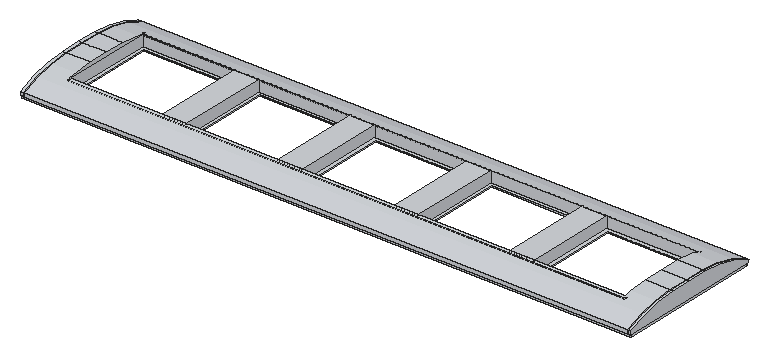
Revit family "Gira_0215327", category Electrical Fixtures, host Face, Revit 2017
Family settings
  Host = Face
  Maintain Annotation Orientation = No
  Round Connector Dimension = Use Diameter
  Part Type = Normal
  Cut with Voids When Loaded = No
  Shared = No
  Room Calculation Point = No
Parameters (values of type "Cov.fr. 5-g interm.fr. PW Gira Event p.white m")
  With mounting grid = "No"
  With hinged lid = "No"
  URL = "http://katalog.gira.de/en/datenblatt.html?artikelnr=0215327"
  Type of fastening = "Clamp mounting"
  Transparent = "No"
  Surface protection = "Other"
  Surface finishing = "Matt"
  Suitable for wall duct = "No"
  Suitable for flush-mounted installation = "Yes"
  Suitable for floor box = "No"
  Suitable for built-in installation = "No"
  Number of units vertical = "5"
  Number of units horizontal = "5"
  Number of units = "5"
  Name = "Cov.fr. 5-g interm.fr. PW Gira Event p.white m"
  Mounting direction = "Horizontal and vertical"
  Material quality = "Thermoplastic"
  Material = "Plastic"
  Manufacturer URL = "https://www.gira.de/"
  Manufacturer = "Gira"
  Label space/information surface = "No"
  Keynote = ""
  HeinzeBIM = "https://bimportal.heinze.de/bim/cov-fr-5-g-interm-fr-pw-gira-event-p-white-m/41451455f394076b76ad6cd37938c35fa1f429b0"
  Halogen free = "Yes"
  HAN = "0215327"
  GTIN = "4010337074205"
  Description = "Cov.fr.5g i.fr.PW Event PWm,Gira Event frames,pure white matt with pure white glossy intermediate frame,5-gang,Features:,- Shatter-proof."
  Degree of protection (IP) = "IP20"
  Default Elevation = 1219.2 mm
  Data sheet (1) = "https://katalog.gira.de/en/download.html?artikelnr=0215327"
  Colour = "White"
  Category = "Cover frame for domestic switching devices"
  BIM (1) = "https://media.stage.bim.site/public/gira/36a6b08/Event_Rahmen_5fach.rfa"
  Available = "No"
Reference planes
  plane 1 "Center (Front/Back)": y = 0
  plane 2: z = 0
  plane 3 "Center (Left/Right)": x = 0
Forms (mm)
  Extrusion 1, solid, detail levels fine
    sketch origin (0, 0, 0.05) x (0, 1, 0) y (0, 0, 1)
      loop
        arc (12.445, 9.683) -> (6.223, 9.833) -> (0, 9.85) r 291.636
        arc (0, 9.85) -> (-6.223, 9.833) -> (-12.445, 9.683) r 291.636
        arc (-12.445, 9.683) -> (-29.14, 7.482) -> (-45, 1.823) r 79.728
        line (-45, 1.823) -> (-45, -0.05) -> (-42.086, -0.05)
        arc (-42.086, -0.05) -> (-21.385, 5.559) -> (0, 7.206) r 114.424
        arc (0, 7.206) -> (21.385, 5.559) -> (42.086, -0.05) r 114.424
        line (42.086, -0.05) -> (45, -0.05) -> (45, 1.823)
        arc (45, 1.823) -> (29.14, 7.482) -> (12.445, 9.683) r 79.728
    from -185.578 to 185.593
  Extrusion 2, void, detail levels fine
    sketch origin (0, 0, 0) x (1, 0, 0) y (0, 1, 0)
      loop
        line (170.607, 28) -> (-170.593, 28) -> (-170.593, -28) -> (170.607, -28) -> (170.607, 28)
    from 0.724 to 11
  Extrusion 3, solid, detail levels coarse
    sketch origin (0, 0, 0) x (1, 0, 0) y (0, 1, 0)
      loop
        line (-187.578, 45) -> (-187.578, -45) -> (187.593, -45) -> (187.593, 45) -> (-187.578, 45)
    from -1.5 to 9.9
  Extrusion 4, solid, detail levels medium
    sketch origin (0, 0, 0.05) x (0, 1, 0) y (0, 0, 1)
      loop
        arc (12.445, 9.683) -> (6.223, 9.833) -> (0, 9.85) r 291.636
        arc (0, 9.85) -> (-6.223, 9.833) -> (-12.445, 9.683) r 291.636
        arc (-12.445, 9.683) -> (-29.14, 7.482) -> (-45, 1.823) r 79.728
        line (-45, 1.823) -> (-45, -0.05) -> (45, -0.05) -> (45, 1.823)
        arc (45, 1.823) -> (29.14, 7.482) -> (12.445, 9.683) r 79.728
    from -187.578 to 187.593
  Extrusion 5, solid, detail levels fine
    sketch origin (-142.578, 0, -1.5) x (0, 1, 0) y (0, 0, -1)
      loop
        line (45, -3.373) -> (45, -1.5) -> (-45, -1.5) -> (-45, -3.373)
        arc (-45, -3.373) -> (-29.14, -9.032) -> (-12.445, -11.233) r 79.728
        arc (-12.445, -11.233) -> (-6.223, -11.383) -> (0, -11.4) r 291.636
        arc (0, -11.4) -> (6.223, -11.383) -> (12.445, -11.233) r 291.636
        arc (12.445, -11.233) -> (29.14, -9.032) -> (45, -3.373) r 79.728
    from 43 to 45
  Extrusion 6, solid, detail levels fine
    sketch origin (0, 0, 0) x (1, 0, 0) y (0, 1, 0)
      loop
        line (-168.493, 25.7) -> (-168.493, -25.7) -> (-116.693, -25.7) -> (-116.693, 25.7) -> (-168.493, 25.7)
      loop
        line (-45.398, -25.7) -> (-45.398, 25.7) -> (-97.198, 25.7) -> (-97.198, -25.7) -> (-45.398, -25.7)
      loop
        line (-171.487, 28.49) -> (-171.487, -28.495)
        spline (-171.487, -28.495) -> (-171.479, -28.625) -> (-171.453, -28.754) -> (-171.411, -28.878) -> (-171.353, -28.995) -> (-171.281, -29.104) -> (-171.194, -29.202) -> (-171.096, -29.288) -> (-170.987, -29.361) -> (-170.87, -29.419) -> (-170.746, -29.461) -> (-170.618, -29.486) -> (-170.487, -29.495)
        line (-170.487, -29.495) -> (170.502, -29.495)
        spline (170.502, -29.495) -> (170.633, -29.486) -> (170.761, -29.461) -> (170.885, -29.419) -> (171.002, -29.361) -> (171.111, -29.288) -> (171.209, -29.202) -> (171.296, -29.104) -> (171.368, -28.995) -> (171.426, -28.878) -> (171.468, -28.754) -> (171.494, -28.625) -> (171.502, -28.495)
        line (171.502, -28.495) -> (171.502, 28.49)
        spline (171.502, 28.49) -> (171.494, 28.62) -> (171.468, 28.748) -> (171.426, 28.872) -> (171.368, 28.99) -> (171.296, 29.098) -> (171.209, 29.197) -> (171.111, 29.283) -> (171.002, 29.356) -> (170.885, 29.413) -> (170.761, 29.456) -> (170.633, 29.481) -> (170.502, 29.49)
        line (170.502, 29.49) -> (-170.487, 29.49)
        spline (-170.487, 29.49) -> (-170.618, 29.481) -> (-170.746, 29.456) -> (-170.87, 29.413) -> (-170.987, 29.356) -> (-171.096, 29.283) -> (-171.194, 29.197) -> (-171.281, 29.098) -> (-171.353, 28.99) -> (-171.411, 28.872) -> (-171.453, 28.748) -> (-171.479, 28.62) -> (-171.487, 28.49)
      loop
        line (25.902, -25.7) -> (25.902, 25.7) -> (-25.898, 25.7) -> (-25.898, -25.7) -> (25.902, -25.7)
      loop
        line (97.207, -25.7) -> (97.207, 25.7) -> (45.407, 25.7) -> (45.407, -25.7) -> (97.207, -25.7)
      loop
        line (168.507, -25.7) -> (168.507, 25.7) -> (116.707, 25.7) -> (116.707, -25.7) -> (168.507, -25.7)
    from 0.1 to 7.3
  Extrusion 7, solid
    sketch origin (0, 0, 0) x (1, 0, 0) y (0, 1, 0)
      loop
        arc (-187.293, -44.218) -> (-187.146, -44.572) -> (-186.793, -44.718) r 0.5
        line (-186.793, -44.718) -> (186.807, -44.718)
        arc (186.807, -44.718) -> (187.161, -44.572) -> (187.307, -44.218) r 0.5
        line (187.307, -44.218) -> (187.307, 44.182)
        arc (187.307, 44.182) -> (187.161, 44.535) -> (186.807, 44.682) r 0.5
        line (186.807, 44.682) -> (-186.793, 44.682)
        arc (-186.793, 44.682) -> (-187.146, 44.535) -> (-187.293, 44.182) r 0.5
        line (-187.293, 44.182) -> (-187.293, -44.218)
      loop
        line (-185.593, 42.982) -> (-185.593, -43.018) -> (185.607, -43.018) -> (185.607, 42.982) -> (-185.593, 42.982)
    from -1.5 to 0.5
  Extrusion 8, solid, detail levels fine
    sketch origin (142.593, 0, -1.5) x (0, 1, 0) y (0, 0, 1)
      loop
        arc (45, 3.373) -> (29.14, 9.032) -> (12.445, 11.233) r 79.728
        arc (12.445, 11.233) -> (6.223, 11.383) -> (0, 11.4) r 291.636
        arc (0, 11.4) -> (-6.223, 11.383) -> (-12.445, 11.233) r 291.636
        arc (-12.445, 11.233) -> (-29.14, 9.032) -> (-45, 3.373) r 79.728
        line (-45, 3.373) -> (-45, 1.5) -> (45, 1.5) -> (45, 3.373)
    from 43 to 45
  Extrusion 9, solid, detail levels medium
    sketch origin (0, 0, 0) x (1, 0, 0) y (0, 1, 0)
      loop
        line (-187.293, -44.718) -> (187.307, -44.718) -> (187.307, 44.682) -> (-187.293, 44.682) -> (-187.293, -44.718)
    from -1.5 to 0.5
  Extrusion 10, solid, detail levels fine
    sketch origin (-105.5, 0, 0) x (1, 0, 0) y (0, 1, 0)
      loop
        line (-8.943, 28.063) -> (-8.943, -27.937) -> (6.057, -27.937) -> (6.057, 28.063) -> (-8.943, 28.063)
    from 0.724 to 7.566
  Extrusion 11, solid, detail levels fine
    sketch origin (-37.085, 0, 0) x (-1, 0, 0) y (0, -1, 0)
      loop
        line (-8.943, -28.063) -> (6.057, -28.063) -> (6.057, 27.937) -> (-8.943, 27.937) -> (-8.943, -28.063)
    from 0.724 to 7.566
  Extrusion 12, solid, detail levels fine
    sketch origin (105.5, 0, 0) x (-1, 0, 0) y (0, -1, 0)
      loop
        line (-8.943, -28.063) -> (6.057, -28.063) -> (6.057, 27.937) -> (-8.943, 27.937) -> (-8.943, -28.063)
    from 0.724 to 7.566
  Extrusion 13, solid, detail levels fine
    sketch origin (37.085, 0, 0) x (1, 0, 0) y (0, 1, 0)
      loop
        line (-8.943, 28.063) -> (-8.943, -27.937) -> (6.057, -27.937) -> (6.057, 28.063) -> (-8.943, 28.063)
    from 0.724 to 7.566
Cuts and joins
  Extrusion 2 cuts Extrusion 1
  Extrusion 2 cuts Extrusion 6
Dimensions and locks
  aligned and locked: plane 2 to host face
  aligned and locked: level to host face
